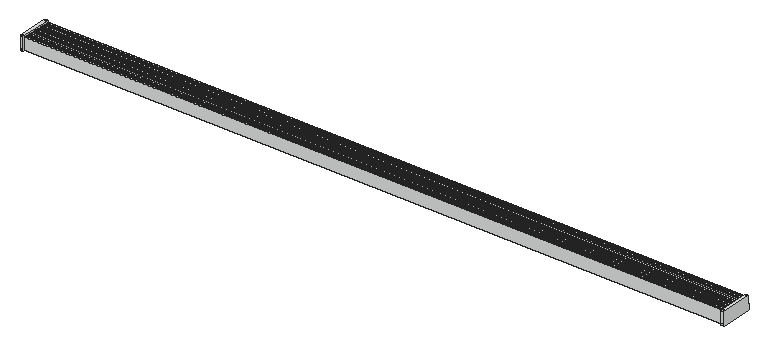
Revit family "Shower-Drain_Cover-KOHLER-Linear-K-80655", category Specialty Equipment, host Face, Revit 2017
Family settings
  Host = Face
  Round Connector Dimension = Use Diameter
  Part Type = Normal
  OmniClass Number = 23.31.25.00
  OmniClass Title = Toilet and Bath Specialties
  Cut with Voids When Loaded = No
  Shared = No
  Room Calculation Point = No
Parameters (values of type "SH-Bright Silver")
  Width = 60"  # constant formula
  WaterSense Certified = 1 = 0  # no
  URL = "https://www.us.kohler.com/us/"
  Type = 4
  Product Page URL = "http://www.us.kohler.com/us/catalog/productDetails.jsp?productId=80655"
  Product Name = "LINEAR"  # constant formula
  Product Documentation Link = "https://www.us.kohler.com/webassets/kpna/catalog/pdf/en/K-80655_spec_US-CA_Kohler_en.pdf"
  Model = if(Type = 1, "K-80655-2MB", if(Type = 2, "K-80655-BL", if(Type = 3, "K-80655-BNK", if(Type = 4, "K-80655-SH", "NA"))))  # "K-80655-SH"
  Material = "Aluminum"  # constant formula
  Master Format 2014 Name = "Toilet, Bath, and Laundry Accessories"  # constant formula
  Master Format 2014 = "10 28 00"  # constant formula
  Manufacturer Address = "KOHLER Co. 444 Highland Dr. Kohler, WI 53044"  # constant formula
  Manufacturer = "KOHLER Co."  # constant formula
  Length = 2 9/16"  # constant formula
  Height = 1 1/8"  # constant formula
  Finish = Kohler-Metal-SH-Bright_Silver
  Environmental Product Declaration = ""
  Description = "60 INCH LINEAR MEDIUM LINEAR DRAIN GRID"  # constant formula
  Default Elevation = 0"
  Declare Label = ""
  Date Modified = "04/13/2021"  # constant formula
  Date Created = "04/13/2021"  # constant formula
  Copyright = "Copyright KOHLER Co."  # constant formula
  Contact Us = "https://www.us.kohler.com/us/static/contact.jsp"
  Assembly Code = "C1030200"
  ADA Compliant = 1 = 0  # no
Reference planes (in)
  plane 1 "Center (Front/Back)": y = 0
  plane 2: z = 0
  plane 3 "Center (Left/Right)": x = 0
  plane 4: x = -30
  plane 5: y = 1.28125
  plane 6: y = 1.25
  plane 7: x = 30
  plane 8: y = -1.28125
  plane 9: y = -1.25
  plane 10: z = -1.125
Forms (in)
  Extrusion 1, void
    sketch origin (0, 0, 0) x (1, 0, 0) y (0, 1, 0)
      loop
        line (29.75, 1.25) -> (-29.75, 1.25) -> (-29.75, 1.295) -> (-30, 1.295) -> (-30, -1.295) -> (-29.75, -1.295) -> (-29.75, -1.25) -> (29.75, -1.25) -> (29.75, -1.295) -> (30, -1.295) -> (30, 1.295) -> (29.75, 1.295) -> (29.75, 1.25)
    from 0 to -1.15415
Dimensions and locks (in)
  "Width": plane 4 to plane 7
  "Length": plane 5 to plane 8
  plane 6 to plane 9 = 2 1/2"
  "Height": level to plane 10
  aligned and locked: plane 2 to host face
  aligned and locked: level to host face
Automatic sketch dimensions
  host sketch curve to host sketch curve = 96"  (x2)
  Extrusion 1 sketch curve to plane 4 = 0"
  plane 6 to Extrusion 1 sketch curve = 0"
  Extrusion 1 sketch curve to plane 9 = 0"
  Extrusion 1 sketch curve to plane 7 = 0"
  Extrusion 1 sketch curve to plane 4 = 1/4"  (x2)
  Extrusion 1 sketch curve to plane 7 = 1/4"  (x2)
  Extrusion 1 sketch curve to plane 8 = 0.01375"  (x2)
  Extrusion 1 sketch curve to plane 5 = 0.01375"  (x2)
Nested families (in)
  nested 1: "K-80655" at (0, 0, 0), type "K-80655"
Definition of nested family "K-80655"
  Parameters (values of type "K-80655")
    Material = none
  Reference planes (in)
    plane 1 "Center (Front/Back)": y = 0
    plane 2: z = 0
    plane 3 "Center (Left/Right)": x = 0
    plane 4: y = 1.28125
    plane 5: y = -1.28125
    plane 6: y = 1.25
    plane 7: y = -1.25
    plane 8: z = -1.125
    plane 9: x = -30
    plane 10: x = 24
    plane 11: x = 30
  Forms (in)
    Extrusion 1, solid, material <- "Material", detail levels medium+fine
      sketch origin (0, 0, 0) x (0, 1, 0) y (0, 0, 1)
        loop
          arc (-1.255, 0) -> (-1.28328, -0.01172) -> (-1.295, -0.04) r 0.04
          line (-1.295, -0.04) -> (-1.295, -1.1)
          arc (-1.295, -1.1) -> (-1.28328, -1.12828) -> (-1.255, -1.14) r 0.04
          line (-1.255, -1.14) -> (1.255, -1.14)
          arc (1.255, -1.14) -> (1.28328, -1.12828) -> (1.295, -1.1) r 0.04
          line (1.295, -1.1) -> (1.295, -0.04)
          arc (1.295, -0.04) -> (1.28328, -0.01172) -> (1.255, 0) r 0.04
          line (1.255, 0) -> (-1.255, 0)
      from -30 to -29.75
    Extrusion 2, solid, material <- "Material", detail levels medium+fine
      sketch origin (0, 0, 0) x (0, 1, 0) y (0, 0, -1)
        loop
          line (-1.255, 0) -> (1.255, 0)
          arc (1.255, 0) -> (1.28328, 0.01172) -> (1.295, 0.04) r 0.04
          line (1.295, 0.04) -> (1.295, 1.1)
          arc (1.295, 1.1) -> (1.28328, 1.12828) -> (1.255, 1.14) r 0.04
          line (1.255, 1.14) -> (-1.255, 1.14)
          arc (-1.255, 1.14) -> (-1.28328, 1.12828) -> (-1.295, 1.1) r 0.04
          line (-1.295, 1.1) -> (-1.295, 0.04)
          arc (-1.295, 0.04) -> (-1.28328, 0.01172) -> (-1.255, 0) r 0.04
      from -30 to -29.75
    Extrusion 3, solid, material <- "Material", detail levels medium+fine
      sketch origin (0, 0, 0) x (0, 1, 0) y (0, 0, 1)
        loop
          line (0.92757, -0.175) -> (0.99243, -0.175) -> (1.01, -0.05) -> (0.91, -0.05) -> (0.92757, -0.175)
        loop
          line (1.15, -0.05) -> (1.15, -1.1) -> (1.25, -1.1) -> (1.25, -0.05) -> (1.15, -0.05)
        loop
          line (-1.15, -1.1) -> (-1.15, -0.05) -> (-1.25, -0.05) -> (-1.25, -1.1) -> (-1.15, -1.1)
        loop
          line (-0.99243, -0.175) -> (-0.92757, -0.175) -> (-0.91, -0.05) -> (-1.01, -0.05) -> (-0.99243, -0.175)
        loop
          line (-0.75243, -0.175) -> (-0.68757, -0.175) -> (-0.67, -0.05) -> (-0.77, -0.05) -> (-0.75243, -0.175)
        loop
          line (-0.51243, -0.175) -> (-0.44757, -0.175) -> (-0.43, -0.05) -> (-0.53, -0.05) -> (-0.51243, -0.175)
        loop
          line (-0.27243, -0.175) -> (-0.20757, -0.175) -> (-0.19, -0.05) -> (-0.29, -0.05) -> (-0.27243, -0.175)
        loop
          line (-0.03243, -0.175) -> (0.03243, -0.175) -> (0.05, -0.05) -> (-0.05, -0.05) -> (-0.03243, -0.175)
        loop
          line (0.20757, -0.175) -> (0.27243, -0.175) -> (0.29, -0.05) -> (0.19, -0.05) -> (0.20757, -0.175)
        loop
          line (0.44757, -0.175) -> (0.51243, -0.175) -> (0.53, -0.05) -> (0.43, -0.05) -> (0.44757, -0.175)
        loop
          line (0.68757, -0.175) -> (0.75243, -0.175) -> (0.77, -0.05) -> (0.67, -0.05) -> (0.68757, -0.175)
      from -29.75 to 29.75
    Extrusion 4, solid, material <- "Material", detail levels coarse
      sketch origin (0, 0, 0) x (1, 0, 0) y (0, 1, 0)
        loop
          line (29.75, 1.25) -> (-29.75, 1.25) -> (-29.75, 1.295) -> (-30, 1.295) -> (-30, -1.295) -> (-29.75, -1.295) -> (-29.75, -1.25) -> (29.75, -1.25) -> (29.75, -1.295) -> (30, -1.295) -> (30, 1.295) -> (29.75, 1.295) -> (29.75, 1.25)
      from -1.14 to 0
  Cuts and joins
    joined: Extrusion 1, Extrusion 2, Extrusion 3
  Lines and regions (in)
    Masking region 1
      outline origin (0, 0, 0) x (1, 0, 0) y (0, 1, 0)
        loop
          line (-29.75, -1.25) -> (29.75, -1.25) -> (29.75, -1.28125) -> (29.97857, -1.28125)
          arc (29.97857, -1.28125) -> (29.99372, -1.27497) -> (30, -1.25982) r 0.02143
          line (30, -1.25982) -> (30, 1.25982)
          arc (30, 1.25982) -> (29.99372, 1.27497) -> (29.97857, 1.28125) r 0.02143
          line (29.97857, 1.28125) -> (29.75, 1.28125) -> (29.75, 1.25) -> (-29.75, 1.25) -> (-29.75, 1.28125) -> (-29.97857, 1.28125)
          arc (-29.97857, 1.28125) -> (-29.99372, 1.27497) -> (-30, 1.25982) r 0.02143
          line (-30, 1.25982) -> (-30, -1.25982)
          arc (-30, -1.25982) -> (-29.99372, -1.27497) -> (-29.97857, -1.28125) r 0.02143
          line (-29.97857, -1.28125) -> (-29.75, -1.28125) -> (-29.75, -1.25)
    Masking region 2
      outline origin (0, 0, 0) x (1, 0, 0) y (0, 0, 1)
        loop
          line (-29.75, -1.09414) -> (29.75, -1.09414) -> (29.75, -1.125) -> (29.97948, -1.125)
          arc (29.97948, -1.125) -> (29.99399, -1.11899) -> (30, -1.10448) r 0.02052
          line (30, -1.10448) -> (30, -0.02052)
          arc (30, -0.02052) -> (29.99399, -0.00601) -> (29.97948, 0) r 0.02052
          line (29.97948, 0) -> (29.75, 0) -> (29.75, -0.05) -> (-29.75, -0.05) -> (-29.75, 0) -> (-29.97948, 0)
          arc (-29.97948, 0) -> (-29.99399, -0.00601) -> (-30, -0.02052) r 0.02052
          line (-30, -0.02052) -> (-30, -1.10448)
          arc (-30, -1.10448) -> (-29.99399, -1.11899) -> (-29.97948, -1.125) r 0.02052
          line (-29.97948, -1.125) -> (-29.75, -1.125) -> (-29.75, -1.09414)
    Masking region 3
      outline origin (0, 0, 0) x (0, 1, 0) y (0, 0, 1)
        loop
          line (1.28125, -1.08984) -> (1.28125, -0.03451)
          arc (1.28125, -0.03451) -> (1.27114, -0.01011) -> (1.24674, 0) r 0.03451
          line (1.24674, 0) -> (-1.24609, 0)
          arc (-1.24609, 0) -> (-1.27095, -0.0103) -> (-1.28125, -0.03516) r 0.03516
          line (-1.28125, -0.03516) -> (-1.28125, -1.08984)
          arc (-1.28125, -1.08984) -> (-1.27095, -1.1147) -> (-1.24609, -1.125) r 0.03516
          line (-1.24609, -1.125) -> (1.24609, -1.125)
          arc (1.24609, -1.125) -> (1.27095, -1.1147) -> (1.28125, -1.08984) r 0.03516
    symbolic lines, detail levels medium+fine
      curve 1: line (0, 1.24674, -0.01172) -> (0, -1.24609, -0.01172)
      curve 2: arc (0, -1.24609, -0.01172) -> (0, -1.26267, -0.01858) -> (0, -1.26953, -0.03516) r 0.02344
      curve 3: line (0, -1.26953, -1.08984) -> (0, -1.26953, -0.03516)
      curve 4: arc (0, -1.24609, -1.11328) -> (0, -1.26267, -1.10642) -> (0, -1.26953, -1.08984) r 0.02344
      curve 5: line (0, 1.24609, -1.11328) -> (0, -1.24609, -1.11328)
      curve 6: arc (0, 1.26953, -1.08984) -> (0, 1.26267, -1.10642) -> (0, 1.24609, -1.11328) r 0.02344
      curve 7: line (0, 1.26953, -1.08984) -> (0, 1.26953, -0.03451)
      curve 8: arc (0, 1.26953, -0.03451) -> (0, 1.26286, -0.01839) -> (0, 1.24674, -0.01172) r 0.02279
      curve 9: line (29.75, 0, -0.04) -> (29.75, 0, -1.09414)
      curve 10: line (29.97948, 0, 0) -> (29.97948, 0, -1.125)
      curve 11: line (-29.75, 0, -0.04) -> (-29.75, 0, -1.09414)
      curve 12: line (-29.97948, 0, 0) -> (-29.97948, 0, -1.125)
      curve 13: line (-29.75, 1.25, 0) -> (-29.75, -1.25, 0)
      curve 14: line (-29.75, 1.15, 0) -> (29.75, 1.15, 0)
      curve 15: line (-29.75, 1.01, 0) -> (29.75, 1.01, 0)
      curve 16: line (29.75, 0.91, 0) -> (-29.75, 0.91, 0)
      curve 17: line (-29.75, 0.77, 0) -> (29.75, 0.77, 0)
      curve 18: line (-29.75, 0.67, 0) -> (29.75, 0.67, 0)
      curve 19: line (-29.75, 0.53, 0) -> (29.75, 0.53, 0)
      curve 20: line (-29.75, 0.43, 0) -> (29.75, 0.43, 0)
      curve 21: line (-29.75, 0.29, 0) -> (29.75, 0.29, 0)
      curve 22: line (-29.75, 0.19, 0) -> (29.75, 0.19, 0)
      curve 23: line (-29.75, 0.05, 0) -> (29.75, 0.05, 0)
      curve 24: line (-29.75, -0.05, 0) -> (29.75, -0.05, 0)
      curve 25: line (-29.75, -0.19, 0) -> (29.75, -0.19, 0)
      curve 26: line (-29.75, -0.29, 0) -> (29.75, -0.29, 0)
      curve 27: line (-29.75, -0.43, 0) -> (29.75, -0.43, 0)
      curve 28: line (-29.75, -0.53, 0) -> (29.75, -0.53, 0)
      curve 29: line (-29.75, -0.67, 0) -> (29.75, -0.67, 0)
      curve 30: line (-29.75, -0.77, 0) -> (29.75, -0.77, 0)
      curve 31: line (-29.75, -0.91, 0) -> (29.75, -0.91, 0)
      curve 32: line (-29.75, -1.01, 0) -> (29.75, -1.01, 0)
      curve 33: line (29.75, -1.15, 0) -> (-29.75, -1.15, 0)
      curve 34: line (29.75, -1.25, 0) -> (29.75, 1.25, 0)
      curve 35: line (-29.1222, 0.05, 0) -> (-29.1222, 0.19, 0)
      curve 36: arc (-29.1222, 0.83109, 0) -> (-29.13394, 0.87565, 0) -> (-29.16465, 0.91, 0) r 0.09854
      curve 37: arc (-29.22956, 1.01, 0) -> (-29.23249, 1.02893, 0) -> (-29.23324, 1.04807, 0) r 0.16707
      curve 38: line (-29.68588, 1.15, 0) -> (-29.33331, 1.15, 0)
      curve 39: arc (-29.75, 1.12647, 0) -> (-29.72003, 1.14393, 0) -> (-29.68588, 1.15, 0) r 0.09912
      curve 40: arc (-29.33331, 1.15, 0) -> (-29.26189, 1.12003, 0) -> (-29.23324, 1.04807, 0) r 0.10009
      curve 41: arc (-28.97885, 1.01, 0) -> (-29.0662, 1.13911, 0) -> (-29.15355, 1.01, 0) r 0.09411
      curve 42: line (-29.0102, 0.05, 0) -> (-29.0102, 0.19, 0)
      curve 43: arc (-29.0102, 0.83109, 0) -> (-28.99846, 0.87565, 0) -> (-28.96775, 0.91, 0) r 0.09854
      curve 44: arc (-28.90284, 1.01, 0) -> (-28.89991, 1.02893, 0) -> (-28.89916, 1.04807, 0) r 0.16707
      curve 45: line (-28.44652, 1.15, 0) -> (-28.79909, 1.15, 0)
      curve 46: line (-28.3474, 1.05088, 0) -> (-28.3474, 1.01, 0)
      curve 47: arc (-28.3474, 1.05088, 0) -> (-28.37643, 1.12097, 0) -> (-28.44652, 1.15, 0) r 0.09912
      curve 48: arc (-28.79909, 1.15, 0) -> (-28.87051, 1.12003, 0) -> (-28.89916, 1.04807, 0) r 0.10009
      curve 49: line (-28.3474, 0.91, 0) -> (-28.96775, 0.91, 0)
      curve 50: line (-29.75, 0.05, 0) -> (-29.75, 0.19, 0)
      curve 51: line (-29.75, 1.01, 0) -> (-29.22956, 1.01, 0)
      curve 52: line (-28.90284, 1.01, 0) -> (-28.3474, 1.01, 0)
      curve 53: line (-29.15355, 1.01, 0) -> (-28.97885, 1.01, 0)
      curve 54: line (-29.75, 1.01, 0) -> (-29.75, 1.12647, 0)
      curve 55: line (-28.3474, 0.91, 0) -> (-28.3474, 0.77, 0)
      curve 56: line (-29.75, 0.77, 0) -> (-29.1222, 0.77, 0)
      curve 57: line (-29.16465, 0.91, 0) -> (-29.75, 0.91, 0)
      curve 58: line (-28.3474, 0.67, 0) -> (-28.3474, 0.53, 0)
      curve 59: line (-29.0102, 0.77, 0) -> (-28.3474, 0.77, 0)
      curve 60: line (-29.1222, 0.77, 0) -> (-29.1222, 0.83109, 0)
      curve 61: line (-29.0102, 0.77, 0) -> (-29.0102, 0.83109, 0)
      curve 62: line (-29.75, 0.77, 0) -> (-29.75, 0.91, 0)
      curve 63: line (-29.75, 0.67, 0) -> (-29.1222, 0.67, 0)
      curve 64: line (-29.75, 0.53, 0) -> (-29.1222, 0.53, 0)
      curve 65: line (-29.0102, 0.67, 0) -> (-28.3474, 0.67, 0)
      curve 66: line (-29.0102, 0.53, 0) -> (-28.3474, 0.53, 0)
      curve 67: line (-29.75, 0.53, 0) -> (-29.75, 0.67, 0)
      curve 68: line (-28.3474, 0.43, 0) -> (-28.3474, 0.29, 0)
      curve 69: line (-29.0102, 0.53, 0) -> (-29.0102, 0.67, 0)
      curve 70: line (-29.1222, 0.53, 0) -> (-29.1222, 0.67, 0)
      curve 71: line (-29.75, 0.43, 0) -> (-29.1222, 0.43, 0)
      curve 72: line (-29.75, 0.29, 0) -> (-29.1222, 0.29, 0)
      curve 73: line (-29.75, 0.29, 0) -> (-29.75, 0.43, 0)
      curve 74: line (-29.1222, 0.29, 0) -> (-29.1222, 0.43, 0)
      curve 75: line (-29.0102, 0.29, 0) -> (-29.0102, 0.43, 0)
      curve 76: line (-28.3474, 0.19, 0) -> (-28.3474, 0.05, 0)
      curve 77: line (-29.0102, 0.29, 0) -> (-28.3474, 0.29, 0)
      curve 78: line (-29.0102, 0.43, 0) -> (-28.3474, 0.43, 0)
      curve 79: line (-29.75, 0.19, 0) -> (-29.1222, 0.19, 0)
      curve 80: line (-29.75, 0.05, 0) -> (-29.1222, 0.05, 0)
      curve 81: line (-29.0102, 0.19, 0) -> (-28.3474, 0.19, 0)
      curve 82: line (-29.0102, 0.05, 0) -> (-28.3474, 0.05, 0)
      curve 83: line (-29.1222, -0.05, 0) -> (-29.1222, -0.19, 0)
      curve 84: arc (-29.1222, -0.83109, 0) -> (-29.13394, -0.87565, 0) -> (-29.16465, -0.91, 0) r 0.09854
      curve 85: arc (-29.22956, -1.01, 0) -> (-29.23249, -1.02893, 0) -> (-29.23324, -1.04807, 0) r 0.16707
      curve 86: line (-29.68588, -1.15, 0) -> (-29.33331, -1.15, 0)
      curve 87: arc (-29.75, -1.12647, 0) -> (-29.72003, -1.14393, 0) -> (-29.68588, -1.15, 0) r 0.09912
      curve 88: arc (-29.33331, -1.15, 0) -> (-29.26189, -1.12003, 0) -> (-29.23324, -1.04807, 0) r 0.10009
      curve 89: arc (-28.97885, -1.01, 0) -> (-29.0662, -1.13911, 0) -> (-29.15355, -1.01, 0) r 0.09411
      curve 90: line (-29.0102, -0.05, 0) -> (-29.0102, -0.19, 0)
      curve 91: arc (-29.0102, -0.83109, 0) -> (-28.99846, -0.87565, 0) -> (-28.96775, -0.91, 0) r 0.09854
      curve 92: arc (-28.90284, -1.01, 0) -> (-28.89991, -1.02893, 0) -> (-28.89916, -1.04807, 0) r 0.16707
      curve 93: line (-28.44652, -1.15, 0) -> (-28.79909, -1.15, 0)
      curve 94: line (-28.3474, -1.05088, 0) -> (-28.3474, -1.01, 0)
      curve 95: arc (-28.3474, -1.05088, 0) -> (-28.37643, -1.12097, 0) -> (-28.44652, -1.15, 0) r 0.09912
      curve 96: arc (-28.79909, -1.15, 0) -> (-28.87051, -1.12003, 0) -> (-28.89916, -1.04807, 0) r 0.10009
      curve 97: line (-28.3474, -0.91, 0) -> (-28.96775, -0.91, 0)
      curve 98: line (-29.75, -0.05, 0) -> (-29.75, -0.19, 0)
      curve 99: line (-29.75, -1.01, 0) -> (-29.22956, -1.01, 0)
      curve 100: line (-28.90284, -1.01, 0) -> (-28.3474, -1.01, 0)
      curve 101: line (-29.15355, -1.01, 0) -> (-28.97885, -1.01, 0)
      curve 102: line (-29.75, -1.01, 0) -> (-29.75, -1.12647, 0)
      curve 103: line (-28.3474, -0.91, 0) -> (-28.3474, -0.77, 0)
      curve 104: line (-29.75, -0.77, 0) -> (-29.1222, -0.77, 0)
      curve 105: line (-29.16465, -0.91, 0) -> (-29.75, -0.91, 0)
      curve 106: line (-28.3474, -0.67, 0) -> (-28.3474, -0.53, 0)
      curve 107: line (-29.0102, -0.77, 0) -> (-28.3474, -0.77, 0)
      curve 108: line (-29.1222, -0.77, 0) -> (-29.1222, -0.83109, 0)
      curve 109: line (-29.0102, -0.77, 0) -> (-29.0102, -0.83109, 0)
      curve 110: line (-29.75, -0.77, 0) -> (-29.75, -0.91, 0)
      curve 111: line (-29.75, -0.67, 0) -> (-29.1222, -0.67, 0)
      curve 112: line (-29.75, -0.53, 0) -> (-29.1222, -0.53, 0)
      curve 113: line (-29.0102, -0.67, 0) -> (-28.3474, -0.67, 0)
      curve 114: line (-29.0102, -0.53, 0) -> (-28.3474, -0.53, 0)
      curve 115: line (-29.75, -0.53, 0) -> (-29.75, -0.67, 0)
      curve 116: line (-28.3474, -0.43, 0) -> (-28.3474, -0.29, 0)
      curve 117: line (-29.0102, -0.53, 0) -> (-29.0102, -0.67, 0)
      curve 118: line (-29.1222, -0.53, 0) -> (-29.1222, -0.67, 0)
      curve 119: line (-29.75, -0.43, 0) -> (-29.1222, -0.43, 0)
      curve 120: line (-29.75, -0.29, 0) -> (-29.1222, -0.29, 0)
      curve 121: line (-29.75, -0.29, 0) -> (-29.75, -0.43, 0)
      curve 122: line (-29.1222, -0.29, 0) -> (-29.1222, -0.43, 0)
      curve 123: line (-29.0102, -0.29, 0) -> (-29.0102, -0.43, 0)
      curve 124: line (-28.3474, -0.19, 0) -> (-28.3474, -0.05, 0)
      curve 125: line (-29.0102, -0.29, 0) -> (-28.3474, -0.29, 0)
      curve 126: line (-29.0102, -0.43, 0) -> (-28.3474, -0.43, 0)
      curve 127: line (-29.75, -0.19, 0) -> (-29.1222, -0.19, 0)
      curve 128: line (-29.75, -0.05, 0) -> (-29.1222, -0.05, 0)
      curve 129: line (-29.0102, -0.19, 0) -> (-28.3474, -0.19, 0)
      curve 130: line (-29.0102, -0.05, 0) -> (-28.3474, -0.05, 0)
      curve 131: line (-27.57229, 0.05, 0) -> (-27.57229, 0.19, 0)
      curve 132: arc (-27.57229, 0.83109, 0) -> (-27.58402, 0.87565, 0) -> (-27.61473, 0.91, 0) r 0.09854
      curve 133: arc (-27.67964, 1.01, 0) -> (-27.68258, 1.02893, 0) -> (-27.68332, 1.04807, 0) r 0.16707
      curve 134: line (-28.13597, 1.15, 0) -> (-27.7834, 1.15, 0)
      curve 135: arc (-28.23509, 1.05088, 0) -> (-28.20605, 1.12097, 0) -> (-28.13597, 1.15, 0) r 0.09912
      curve 136: arc (-27.7834, 1.15, 0) -> (-27.71197, 1.12003, 0) -> (-27.68332, 1.04807, 0) r 0.10009
      curve 137: arc (-27.42893, 1.01, 0) -> (-27.51629, 1.13911, 0) -> (-27.60364, 1.01, 0) r 0.09411
      curve 138: line (-27.46029, 0.05, 0) -> (-27.46029, 0.19, 0)
      curve 139: arc (-27.46029, 0.83109, 0) -> (-27.44855, 0.87565, 0) -> (-27.41784, 0.91, 0) r 0.09854
      curve 140: arc (-27.35293, 1.01, 0) -> (-27.35, 1.02893, 0) -> (-27.34925, 1.04807, 0) r 0.16707
      curve 141: line (-26.89661, 1.15, 0) -> (-27.24918, 1.15, 0)
      curve 142: line (-26.79749, 1.05088, 0) -> (-26.79749, 1.01, 0)
      curve 143: arc (-26.79749, 1.05088, 0) -> (-26.82652, 1.12097, 0) -> (-26.89661, 1.15, 0) r 0.09912
      curve 144: arc (-27.24918, 1.15, 0) -> (-27.3206, 1.12003, 0) -> (-27.34925, 1.04807, 0) r 0.10009
      curve 145: line (-26.79749, 0.91, 0) -> (-27.41784, 0.91, 0)
      curve 146: line (-28.23509, 0.05, 0) -> (-28.23509, 0.19, 0)
      curve 147: line (-28.23509, 1.01, 0) -> (-27.67964, 1.01, 0)
      curve 148: line (-27.35293, 1.01, 0) -> (-26.79749, 1.01, 0)
      curve 149: line (-27.60364, 1.01, 0) -> (-27.42893, 1.01, 0)
      curve 150: line (-28.23509, 1.01, 0) -> (-28.23509, 1.05088, 0)
      curve 151: line (-26.79749, 0.91, 0) -> (-26.79749, 0.77, 0)
      curve 152: line (-28.23509, 0.77, 0) -> (-27.57229, 0.77, 0)
      curve 153: line (-27.61473, 0.91, 0) -> (-28.23509, 0.91, 0)
      curve 154: line (-26.79749, 0.67, 0) -> (-26.79749, 0.53, 0)
      curve 155: line (-27.46029, 0.77, 0) -> (-26.79749, 0.77, 0)
      curve 156: line (-27.57229, 0.77, 0) -> (-27.57229, 0.83109, 0)
      curve 157: line (-27.46029, 0.77, 0) -> (-27.46029, 0.83109, 0)
      curve 158: line (-28.23509, 0.77, 0) -> (-28.23509, 0.91, 0)
      curve 159: line (-28.23509, 0.67, 0) -> (-27.57229, 0.67, 0)
      curve 160: line (-28.23509, 0.53, 0) -> (-27.57229, 0.53, 0)
      curve 161: line (-27.46029, 0.67, 0) -> (-26.79749, 0.67, 0)
      curve 162: line (-27.46029, 0.53, 0) -> (-26.79749, 0.53, 0)
      curve 163: line (-28.23509, 0.53, 0) -> (-28.23509, 0.67, 0)
      curve 164: line (-26.79749, 0.43, 0) -> (-26.79749, 0.29, 0)
      curve 165: line (-27.46029, 0.53, 0) -> (-27.46029, 0.67, 0)
      curve 166: line (-27.57229, 0.53, 0) -> (-27.57229, 0.67, 0)
      curve 167: line (-28.23509, 0.43, 0) -> (-27.57229, 0.43, 0)
      curve 168: line (-28.23509, 0.29, 0) -> (-27.57229, 0.29, 0)
      curve 169: line (-28.23509, 0.29, 0) -> (-28.23509, 0.43, 0)
      curve 170: line (-27.57229, 0.29, 0) -> (-27.57229, 0.43, 0)
      curve 171: line (-27.46029, 0.29, 0) -> (-27.46029, 0.43, 0)
      curve 172: line (-26.79749, 0.19, 0) -> (-26.79749, 0.05, 0)
      curve 173: line (-27.46029, 0.29, 0) -> (-26.79749, 0.29, 0)
      curve 174: line (-27.46029, 0.43, 0) -> (-26.79749, 0.43, 0)
      curve 175: line (-28.23509, 0.19, 0) -> (-27.57229, 0.19, 0)
      curve 176: line (-28.23509, 0.05, 0) -> (-27.57229, 0.05, 0)
      curve 177: line (-27.46029, 0.19, 0) -> (-26.79749, 0.19, 0)
      curve 178: line (-27.46029, 0.05, 0) -> (-26.79749, 0.05, 0)
      curve 179: line (-27.57229, -0.05, 0) -> (-27.57229, -0.19, 0)
      curve 180: arc (-27.57229, -0.83109, 0) -> (-27.58402, -0.87565, 0) -> (-27.61473, -0.91, 0) r 0.09854
      curve 181: arc (-27.67964, -1.01, 0) -> (-27.68258, -1.02893, 0) -> (-27.68332, -1.04807, 0) r 0.16707
      curve 182: line (-28.13597, -1.15, 0) -> (-27.7834, -1.15, 0)
      curve 183: arc (-28.23509, -1.05088, 0) -> (-28.20605, -1.12097, 0) -> (-28.13597, -1.15, 0) r 0.09912
      curve 184: arc (-27.7834, -1.15, 0) -> (-27.71197, -1.12003, 0) -> (-27.68332, -1.04807, 0) r 0.10009
      curve 185: arc (-27.42893, -1.01, 0) -> (-27.51629, -1.13911, 0) -> (-27.60364, -1.01, 0) r 0.09411
      curve 186: line (-27.46029, -0.05, 0) -> (-27.46029, -0.19, 0)
      curve 187: arc (-27.46029, -0.83109, 0) -> (-27.44855, -0.87565, 0) -> (-27.41784, -0.91, 0) r 0.09854
      curve 188: arc (-27.35293, -1.01, 0) -> (-27.35, -1.02893, 0) -> (-27.34925, -1.04807, 0) r 0.16707
      curve 189: line (-26.89661, -1.15, 0) -> (-27.24918, -1.15, 0)
      curve 190: line (-26.79749, -1.05088, 0) -> (-26.79749, -1.01, 0)
      curve 191: arc (-26.79749, -1.05088, 0) -> (-26.82652, -1.12097, 0) -> (-26.89661, -1.15, 0) r 0.09912
      curve 192: arc (-27.24918, -1.15, 0) -> (-27.3206, -1.12003, 0) -> (-27.34925, -1.04807, 0) r 0.10009
      curve 193: line (-26.79749, -0.91, 0) -> (-27.41784, -0.91, 0)
      curve 194: line (-28.23509, -0.05, 0) -> (-28.23509, -0.19, 0)
      curve 195: line (-28.23509, -1.01, 0) -> (-27.67964, -1.01, 0)
      curve 196: line (-27.35293, -1.01, 0) -> (-26.79749, -1.01, 0)
      curve 197: line (-27.60364, -1.01, 0) -> (-27.42893, -1.01, 0)
      curve 198: line (-28.23509, -1.01, 0) -> (-28.23509, -1.05088, 0)
      curve 199: line (-26.79749, -0.91, 0) -> (-26.79749, -0.77, 0)
      curve 200: line (-28.23509, -0.77, 0) -> (-27.57229, -0.77, 0)
      curve 201: line (-27.61473, -0.91, 0) -> (-28.23509, -0.91, 0)
      curve 202: line (-26.79749, -0.67, 0) -> (-26.79749, -0.53, 0)
      curve 203: line (-27.46029, -0.77, 0) -> (-26.79749, -0.77, 0)
      curve 204: line (-27.57229, -0.77, 0) -> (-27.57229, -0.83109, 0)
      curve 205: line (-27.46029, -0.77, 0) -> (-27.46029, -0.83109, 0)
      curve 206: line (-28.23509, -0.77, 0) -> (-28.23509, -0.91, 0)
      curve 207: line (-28.23509, -0.67, 0) -> (-27.57229, -0.67, 0)
      curve 208: line (-28.23509, -0.53, 0) -> (-27.57229, -0.53, 0)
      curve 209: line (-27.46029, -0.67, 0) -> (-26.79749, -0.67, 0)
      curve 210: line (-27.46029, -0.53, 0) -> (-26.79749, -0.53, 0)
      curve 211: line (-28.23509, -0.53, 0) -> (-28.23509, -0.67, 0)
      curve 212: line (-26.79749, -0.43, 0) -> (-26.79749, -0.29, 0)
      curve 213: line (-27.46029, -0.53, 0) -> (-27.46029, -0.67, 0)
      curve 214: line (-27.57229, -0.53, 0) -> (-27.57229, -0.67, 0)
      curve 215: line (-28.23509, -0.43, 0) -> (-27.57229, -0.43, 0)
      curve 216: line (-28.23509, -0.29, 0) -> (-27.57229, -0.29, 0)
      curve 217: line (-28.23509, -0.29, 0) -> (-28.23509, -0.43, 0)
      curve 218: line (-27.57229, -0.29, 0) -> (-27.57229, -0.43, 0)
      curve 219: line (-27.46029, -0.29, 0) -> (-27.46029, -0.43, 0)
      curve 220: line (-26.79749, -0.19, 0) -> (-26.79749, -0.05, 0)
      curve 221: line (-27.46029, -0.29, 0) -> (-26.79749, -0.29, 0)
      curve 222: line (-27.46029, -0.43, 0) -> (-26.79749, -0.43, 0)
      curve 223: line (-28.23509, -0.19, 0) -> (-27.57229, -0.19, 0)
      curve 224: line (-28.23509, -0.05, 0) -> (-27.57229, -0.05, 0)
      curve 225: line (-27.46029, -0.19, 0) -> (-26.79749, -0.19, 0)
      curve 226: line (-27.46029, -0.05, 0) -> (-26.79749, -0.05, 0)
      curve 227: line (-26.68437, 0.05, 0) -> (-26.68437, 0.19, 0)
      curve 228: line (-26.12069, 1.15, 0) -> (-26.58496, 1.15, 0)
      curve 229: line (-26.02157, 1.05088, 0) -> (-26.02157, 1.01, 0)
      curve 230: arc (-26.02157, 1.05088, 0) -> (-26.0506, 1.12097, 0) -> (-26.12069, 1.15, 0) r 0.09912
      curve 231: line (-26.02157, 0.91, 0) -> (-26.68437, 0.91, 0)
      curve 232: line (-26.68437, 1.01, 0) -> (-26.02157, 1.01, 0)
      curve 233: line (-26.02157, 0.91, 0) -> (-26.02157, 0.77, 0)
      curve 234: line (-26.02157, 0.67, 0) -> (-26.02157, 0.53, 0)
      curve 235: line (-26.68437, 0.77, 0) -> (-26.02157, 0.77, 0)
      curve 236: line (-26.68437, 0.77, 0) -> (-26.68437, 0.91, 0)
      curve 237: line (-26.68437, 0.67, 0) -> (-26.02157, 0.67, 0)
      curve 238: line (-26.68437, 0.53, 0) -> (-26.02157, 0.53, 0)
      curve 239: line (-26.02157, 0.43, 0) -> (-26.02157, 0.29, 0)
      curve 240: line (-26.68437, 0.53, 0) -> (-26.68437, 0.67, 0)
      curve 241: line (-26.68437, 0.29, 0) -> (-26.68437, 0.43, 0)
      curve 242: line (-26.02157, 0.19, 0) -> (-26.02157, 0.05, 0)
      curve 243: line (-26.68437, 0.29, 0) -> (-26.02157, 0.29, 0)
      curve 244: line (-26.68437, 0.43, 0) -> (-26.02157, 0.43, 0)
      curve 245: line (-26.68437, 0.19, 0) -> (-26.02157, 0.19, 0)
      curve 246: line (-26.68437, 0.05, 0) -> (-26.02157, 0.05, 0)
      curve 247: line (-26.68437, -0.05, 0) -> (-26.68437, -0.19, 0)
      curve 248: line (-26.12069, -1.15, 0) -> (-26.58117, -1.15, 0)
      curve 249: line (-26.02157, -1.05088, 0) -> (-26.02157, -1.01, 0)
      curve 250: arc (-26.02157, -1.05088, 0) -> (-26.0506, -1.12097, 0) -> (-26.12069, -1.15, 0) r 0.09912
      curve 251: line (-26.02157, -0.91, 0) -> (-26.68437, -0.91, 0)
      curve 252: line (-26.68437, -1.01, 0) -> (-26.02157, -1.01, 0)
      curve 253: line (-26.02157, -0.91, 0) -> (-26.02157, -0.77, 0)
      curve 254: line (-26.02157, -0.67, 0) -> (-26.02157, -0.53, 0)
      curve 255: line (-26.68437, -0.77, 0) -> (-26.02157, -0.77, 0)
      curve 256: line (-26.68437, -0.77, 0) -> (-26.68437, -0.91, 0)
      curve 257: line (-26.68437, -0.67, 0) -> (-26.02157, -0.67, 0)
      curve 258: line (-26.68437, -0.53, 0) -> (-26.02157, -0.53, 0)
      curve 259: line (-26.02157, -0.43, 0) -> (-26.02157, -0.29, 0)
      curve 260: line (-26.68437, -0.53, 0) -> (-26.68437, -0.67, 0)
      curve 261: line (-26.68437, -0.29, 0) -> (-26.68437, -0.43, 0)
      curve 262: line (-26.02157, -0.19, 0) -> (-26.02157, -0.05, 0)
      curve 263: line (-26.68437, -0.29, 0) -> (-26.02157, -0.29, 0)
      curve 264: line (-26.68437, -0.43, 0) -> (-26.02157, -0.43, 0)
      curve 265: line (-26.68437, -0.19, 0) -> (-26.02157, -0.19, 0)
      curve 266: line (-26.68437, -0.05, 0) -> (-26.02157, -0.05, 0)
      curve 267: line (-26.68437, 1.01, 0) -> (-26.68437, 1.05059, 0)
      curve 268: arc (-26.68437, 1.05059, 0) -> (-26.65525, 1.12088, 0) -> (-26.58496, 1.15, 0) r 0.09941
      curve 269: line (-26.68437, -1.01, 0) -> (-26.68437, -1.04681, 0)
      curve 270: arc (-26.68437, -1.04681, 0) -> (-26.65414, -1.11978, 0) -> (-26.58117, -1.15, 0) r 0.10319
      curve 271: line (-25.24372, 0.05, 0) -> (-25.24372, 0.19, 0)
      curve 272: arc (-25.24372, 0.83109, 0) -> (-25.25546, 0.87565, 0) -> (-25.28617, 0.91, 0) r 0.09854
      curve 273: arc (-25.35108, 1.01, 0) -> (-25.35402, 1.02893, 0) -> (-25.35476, 1.04807, 0) r 0.16707
      curve 274: line (-25.80741, 1.15, 0) -> (-25.45483, 1.15, 0)
      curve 275: arc (-25.90652, 1.05088, 0) -> (-25.87749, 1.12097, 0) -> (-25.80741, 1.15, 0) r 0.09912
      curve 276: arc (-25.45483, 1.15, 0) -> (-25.38341, 1.12003, 0) -> (-25.35476, 1.04807, 0) r 0.10009
      curve 277: arc (-25.10037, 1.01, 0) -> (-25.18772, 1.13911, 0) -> (-25.27508, 1.01, 0) r 0.09411
      curve 278: line (-25.13172, 0.05, 0) -> (-25.13172, 0.19, 0)
      curve 279: arc (-25.13172, 0.83109, 0) -> (-25.11999, 0.87565, 0) -> (-25.08928, 0.91, 0) r 0.09854
      curve 280: arc (-25.02437, 1.01, 0) -> (-25.02143, 1.02893, 0) -> (-25.02069, 1.04807, 0) r 0.16707
      curve 281: line (-24.56804, 1.15, 0) -> (-24.92062, 1.15, 0)
      curve 282: line (-24.46892, 1.05088, 0) -> (-24.46892, 1.01, 0)
      curve 283: arc (-24.46892, 1.05088, 0) -> (-24.49796, 1.12097, 0) -> (-24.56804, 1.15, 0) r 0.09912
      curve 284: arc (-24.92062, 1.15, 0) -> (-24.99204, 1.12003, 0) -> (-25.02069, 1.04807, 0) r 0.10009
      curve 285: line (-24.46892, 0.91, 0) -> (-25.08928, 0.91, 0)
      curve 286: line (-25.90652, 0.05, 0) -> (-25.90652, 0.19, 0)
      curve 287: line (-25.90652, 1.01, 0) -> (-25.35108, 1.01, 0)
      curve 288: line (-25.02437, 1.01, 0) -> (-24.46892, 1.01, 0)
      curve 289: line (-25.27508, 1.01, 0) -> (-25.10037, 1.01, 0)
      curve 290: line (-25.90652, 1.01, 0) -> (-25.90652, 1.05088, 0)
      curve 291: line (-24.46892, 0.91, 0) -> (-24.46892, 0.77, 0)
      curve 292: line (-25.90652, 0.77, 0) -> (-25.24372, 0.77, 0)
      curve 293: line (-25.28617, 0.91, 0) -> (-25.90652, 0.91, 0)
      curve 294: line (-24.46892, 0.67, 0) -> (-24.46892, 0.53, 0)
      curve 295: line (-25.13172, 0.77, 0) -> (-24.46892, 0.77, 0)
      curve 296: line (-25.24372, 0.77, 0) -> (-25.24372, 0.83109, 0)
      curve 297: line (-25.13172, 0.77, 0) -> (-25.13172, 0.83109, 0)
      curve 298: line (-25.90652, 0.77, 0) -> (-25.90652, 0.91, 0)
      curve 299: line (-25.90652, 0.67, 0) -> (-25.24372, 0.67, 0)
      curve 300: line (-25.90652, 0.53, 0) -> (-25.24372, 0.53, 0)
      curve 301: line (-25.13172, 0.67, 0) -> (-24.46892, 0.67, 0)
      curve 302: line (-25.13172, 0.53, 0) -> (-24.46892, 0.53, 0)
      curve 303: line (-25.90652, 0.53, 0) -> (-25.90652, 0.67, 0)
      curve 304: line (-24.46892, 0.43, 0) -> (-24.46892, 0.29, 0)
      curve 305: line (-25.13172, 0.53, 0) -> (-25.13172, 0.67, 0)
      curve 306: line (-25.24372, 0.53, 0) -> (-25.24372, 0.67, 0)
      curve 307: line (-25.90652, 0.43, 0) -> (-25.24372, 0.43, 0)
      curve 308: line (-25.90652, 0.29, 0) -> (-25.24372, 0.29, 0)
      curve 309: line (-25.90652, 0.29, 0) -> (-25.90652, 0.43, 0)
      curve 310: line (-25.24372, 0.29, 0) -> (-25.24372, 0.43, 0)
      curve 311: line (-25.13172, 0.29, 0) -> (-25.13172, 0.43, 0)
      curve 312: line (-24.46892, 0.19, 0) -> (-24.46892, 0.05, 0)
      curve 313: line (-25.13172, 0.29, 0) -> (-24.46892, 0.29, 0)
      curve 314: line (-25.13172, 0.43, 0) -> (-24.46892, 0.43, 0)
      curve 315: line (-25.90652, 0.19, 0) -> (-25.24372, 0.19, 0)
      curve 316: line (-25.90652, 0.05, 0) -> (-25.24372, 0.05, 0)
      curve 317: line (-25.13172, 0.19, 0) -> (-24.46892, 0.19, 0)
      curve 318: line (-25.13172, 0.05, 0) -> (-24.46892, 0.05, 0)
      curve 319: line (-25.24372, -0.05, 0) -> (-25.24372, -0.19, 0)
      curve 320: arc (-25.24372, -0.83109, 0) -> (-25.25546, -0.87565, 0) -> (-25.28617, -0.91, 0) r 0.09854
      curve 321: arc (-25.35108, -1.01, 0) -> (-25.35402, -1.02893, 0) -> (-25.35476, -1.04807, 0) r 0.16707
      curve 322: line (-25.80741, -1.15, 0) -> (-25.45483, -1.15, 0)
      curve 323: arc (-25.90652, -1.05088, 0) -> (-25.87749, -1.12097, 0) -> (-25.80741, -1.15, 0) r 0.09912
      curve 324: arc (-25.45483, -1.15, 0) -> (-25.38341, -1.12003, 0) -> (-25.35476, -1.04807, 0) r 0.10009
      curve 325: arc (-25.10037, -1.01, 0) -> (-25.18772, -1.13911, 0) -> (-25.27508, -1.01, 0) r 0.09411
      curve 326: line (-25.13172, -0.05, 0) -> (-25.13172, -0.19, 0)
      curve 327: arc (-25.13172, -0.83109, 0) -> (-25.11999, -0.87565, 0) -> (-25.08928, -0.91, 0) r 0.09854
      curve 328: arc (-25.02437, -1.01, 0) -> (-25.02143, -1.02893, 0) -> (-25.02069, -1.04807, 0) r 0.16707
      curve 329: line (-24.56804, -1.15, 0) -> (-24.92062, -1.15, 0)
      curve 330: line (-24.46892, -1.05088, 0) -> (-24.46892, -1.01, 0)
      curve 331: arc (-24.46892, -1.05088, 0) -> (-24.49796, -1.12097, 0) -> (-24.56804, -1.15, 0) r 0.09912
      curve 332: arc (-24.92062, -1.15, 0) -> (-24.99204, -1.12003, 0) -> (-25.02069, -1.04807, 0) r 0.10009
      curve 333: line (-24.46892, -0.91, 0) -> (-25.08928, -0.91, 0)
      curve 334: line (-25.90652, -0.05, 0) -> (-25.90652, -0.19, 0)
      curve 335: line (-25.90652, -1.01, 0) -> (-25.35108, -1.01, 0)
      curve 336: line (-25.02437, -1.01, 0) -> (-24.46892, -1.01, 0)
      curve 337: line (-25.27508, -1.01, 0) -> (-25.10037, -1.01, 0)
      curve 338: line (-25.90652, -1.01, 0) -> (-25.90652, -1.05088, 0)
      curve 339: line (-24.46892, -0.91, 0) -> (-24.46892, -0.77, 0)
      curve 340: line (-25.90652, -0.77, 0) -> (-25.24372, -0.77, 0)
      curve 341: line (-25.28617, -0.91, 0) -> (-25.90652, -0.91, 0)
      curve 342: line (-24.46892, -0.67, 0) -> (-24.46892, -0.53, 0)
      curve 343: line (-25.13172, -0.77, 0) -> (-24.46892, -0.77, 0)
      curve 344: line (-25.24372, -0.77, 0) -> (-25.24372, -0.83109, 0)
      curve 345: line (-25.13172, -0.77, 0) -> (-25.13172, -0.83109, 0)
      curve 346: line (-25.90652, -0.77, 0) -> (-25.90652, -0.91, 0)
      curve 347: line (-25.90652, -0.67, 0) -> (-25.24372, -0.67, 0)
      curve 348: line (-25.90652, -0.53, 0) -> (-25.24372, -0.53, 0)
      curve 349: line (-25.13172, -0.67, 0) -> (-24.46892, -0.67, 0)
      curve 350: line (-25.13172, -0.53, 0) -> (-24.46892, -0.53, 0)
      curve 351: line (-25.90652, -0.53, 0) -> (-25.90652, -0.67, 0)
      curve 352: line (-24.46892, -0.43, 0) -> (-24.46892, -0.29, 0)
      curve 353: line (-25.13172, -0.53, 0) -> (-25.13172, -0.67, 0)
      curve 354: line (-25.24372, -0.53, 0) -> (-25.24372, -0.67, 0)
      curve 355: line (-25.90652, -0.43, 0) -> (-25.24372, -0.43, 0)
      curve 356: line (-25.90652, -0.29, 0) -> (-25.24372, -0.29, 0)
      curve 357: line (-25.90652, -0.29, 0) -> (-25.90652, -0.43, 0)
      curve 358: line (-25.24372, -0.29, 0) -> (-25.24372, -0.43, 0)
      curve 359: line (-25.13172, -0.29, 0) -> (-25.13172, -0.43, 0)
      curve 360: line (-24.46892, -0.19, 0) -> (-24.46892, -0.05, 0)
      curve 361: line (-25.13172, -0.29, 0) -> (-24.46892, -0.29, 0)
      curve 362: line (-25.13172, -0.43, 0) -> (-24.46892, -0.43, 0)
      curve 363: line (-25.90652, -0.19, 0) -> (-25.24372, -0.19, 0)
      curve 364: line (-25.90652, -0.05, 0) -> (-25.24372, -0.05, 0)
      curve 365: line (-25.13172, -0.19, 0) -> (-24.46892, -0.19, 0)
      curve 366: line (-25.13172, -0.05, 0) -> (-24.46892, -0.05, 0)
      curve 367: line (-24.35581, 0.05, 0) -> (-24.35581, 0.19, 0)
      curve 368: line (-23.79213, 1.15, 0) -> (-24.2564, 1.15, 0)
      curve 369: line (-23.69301, 1.05088, 0) -> (-23.69301, 1.01, 0)
      curve 370: arc (-23.69301, 1.05088, 0) -> (-23.72204, 1.12097, 0) -> (-23.79213, 1.15, 0) r 0.09912
      curve 371: line (-23.69301, 0.91, 0) -> (-24.35581, 0.91, 0)
      curve 372: line (-24.35581, 1.01, 0) -> (-23.69301, 1.01, 0)
      curve 373: line (-23.69301, 0.91, 0) -> (-23.69301, 0.77, 0)
      curve 374: line (-23.69301, 0.67, 0) -> (-23.69301, 0.53, 0)
      curve 375: line (-24.35581, 0.77, 0) -> (-23.69301, 0.77, 0)
      curve 376: line (-24.35581, 0.77, 0) -> (-24.35581, 0.91, 0)
      curve 377: line (-24.35581, 0.67, 0) -> (-23.69301, 0.67, 0)
      curve 378: line (-24.35581, 0.53, 0) -> (-23.69301, 0.53, 0)
      curve 379: line (-23.69301, 0.43, 0) -> (-23.69301, 0.29, 0)
      curve 380: line (-24.35581, 0.53, 0) -> (-24.35581, 0.67, 0)
      curve 381: line (-24.35581, 0.29, 0) -> (-24.35581, 0.43, 0)
      curve 382: line (-23.69301, 0.19, 0) -> (-23.69301, 0.05, 0)
      curve 383: line (-24.35581, 0.29, 0) -> (-23.69301, 0.29, 0)
      curve 384: line (-24.35581, 0.43, 0) -> (-23.69301, 0.43, 0)
      curve 385: line (-24.35581, 0.19, 0) -> (-23.69301, 0.19, 0)
      curve 386: line (-24.35581, 0.05, 0) -> (-23.69301, 0.05, 0)
      curve 387: line (-24.35581, -0.05, 0) -> (-24.35581, -0.19, 0)
      curve 388: line (-23.79213, -1.15, 0) -> (-24.25261, -1.15, 0)
      curve 389: line (-23.69301, -1.05088, 0) -> (-23.69301, -1.01, 0)
      curve 390: arc (-23.69301, -1.05088, 0) -> (-23.72204, -1.12097, 0) -> (-23.79213, -1.15, 0) r 0.09912
      curve 391: line (-23.69301, -0.91, 0) -> (-24.35581, -0.91, 0)
      curve 392: line (-24.35581, -1.01, 0) -> (-23.69301, -1.01, 0)
      curve 393: line (-23.69301, -0.91, 0) -> (-23.69301, -0.77, 0)
      curve 394: line (-23.69301, -0.67, 0) -> (-23.69301, -0.53, 0)
      curve 395: line (-24.35581, -0.77, 0) -> (-23.69301, -0.77, 0)
      curve 396: line (-24.35581, -0.77, 0) -> (-24.35581, -0.91, 0)
      curve 397: line (-24.35581, -0.67, 0) -> (-23.69301, -0.67, 0)
      curve 398: line (-24.35581, -0.53, 0) -> (-23.69301, -0.53, 0)
      curve 399: line (-23.69301, -0.43, 0) -> (-23.69301, -0.29, 0)
      curve 400: line (-24.35581, -0.53, 0) -> (-24.35581, -0.67, 0)
      curve 401: line (-24.35581, -0.29, 0) -> (-24.35581, -0.43, 0)
      curve 402: line (-23.69301, -0.19, 0) -> (-23.69301, -0.05, 0)
      curve 403: line (-24.35581, -0.29, 0) -> (-23.69301, -0.29, 0)
      curve 404: line (-24.35581, -0.43, 0) -> (-23.69301, -0.43, 0)
      curve 405: line (-24.35581, -0.19, 0) -> (-23.69301, -0.19, 0)
      curve 406: line (-24.35581, -0.05, 0) -> (-23.69301, -0.05, 0)
      curve 407: line (-24.35581, 1.01, 0) -> (-24.35581, 1.05059, 0)
      curve 408: arc (-24.35581, 1.05059, 0) -> (-24.32669, 1.12088, 0) -> (-24.2564, 1.15, 0) r 0.09941
      curve 409: line (-24.35581, -1.01, 0) -> (-24.35581, -1.04681, 0)
      curve 410: arc (-24.35581, -1.04681, 0) -> (-24.32558, -1.11978, 0) -> (-24.25261, -1.15, 0) r 0.10319
      curve 411: line (-22.91993, 0.05, 0) -> (-22.91993, 0.19, 0)
      curve 412: arc (-22.91993, 0.83109, 0) -> (-22.93167, 0.87565, 0) -> (-22.96238, 0.91, 0) r 0.09854
      curve 413: arc (-23.02729, 1.01, 0) -> (-23.03022, 1.02893, 0) -> (-23.03097, 1.04807, 0) r 0.16707
      curve 414: line (-23.48361, 1.15, 0) -> (-23.13104, 1.15, 0)
      curve 415: arc (-23.58273, 1.05088, 0) -> (-23.5537, 1.12097, 0) -> (-23.48361, 1.15, 0) r 0.09912
      curve 416: arc (-23.13104, 1.15, 0) -> (-23.05962, 1.12003, 0) -> (-23.03097, 1.04807, 0) r 0.10009
      curve 417: arc (-22.77657, 1.01, 0) -> (-22.86393, 1.13911, 0) -> (-22.95128, 1.01, 0) r 0.09411
      curve 418: line (-22.80793, 0.05, 0) -> (-22.80793, 0.19, 0)
      curve 419: arc (-22.80793, 0.83109, 0) -> (-22.79619, 0.87565, 0) -> (-22.76548, 0.91, 0) r 0.09854
      curve 420: arc (-22.70057, 1.01, 0) -> (-22.69764, 1.02893, 0) -> (-22.69689, 1.04807, 0) r 0.16707
      curve 421: line (-22.24425, 1.15, 0) -> (-22.59682, 1.15, 0)
      curve 422: line (-22.14513, 1.05088, 0) -> (-22.14513, 1.01, 0)
      curve 423: arc (-22.14513, 1.05088, 0) -> (-22.17416, 1.12097, 0) -> (-22.24425, 1.15, 0) r 0.09912
      curve 424: arc (-22.59682, 1.15, 0) -> (-22.66824, 1.12003, 0) -> (-22.69689, 1.04807, 0) r 0.10009
      curve 425: line (-22.14513, 0.91, 0) -> (-22.76548, 0.91, 0)
      curve 426: line (-23.58273, 0.05, 0) -> (-23.58273, 0.19, 0)
      curve 427: line (-23.58273, 1.01, 0) -> (-23.02729, 1.01, 0)
      curve 428: line (-22.70057, 1.01, 0) -> (-22.14513, 1.01, 0)
      curve 429: line (-22.95128, 1.01, 0) -> (-22.77657, 1.01, 0)
      curve 430: line (-23.58273, 1.01, 0) -> (-23.58273, 1.05088, 0)
      curve 431: line (-22.14513, 0.91, 0) -> (-22.14513, 0.77, 0)
      curve 432: line (-23.58273, 0.77, 0) -> (-22.91993, 0.77, 0)
      curve 433: line (-22.96238, 0.91, 0) -> (-23.58273, 0.91, 0)
      curve 434: line (-22.14513, 0.67, 0) -> (-22.14513, 0.53, 0)
      curve 435: line (-22.80793, 0.77, 0) -> (-22.14513, 0.77, 0)
      curve 436: line (-22.91993, 0.77, 0) -> (-22.91993, 0.83109, 0)
      curve 437: line (-22.80793, 0.77, 0) -> (-22.80793, 0.83109, 0)
      curve 438: line (-23.58273, 0.77, 0) -> (-23.58273, 0.91, 0)
      curve 439: line (-23.58273, 0.67, 0) -> (-22.91993, 0.67, 0)
      curve 440: line (-23.58273, 0.53, 0) -> (-22.91993, 0.53, 0)
      curve 441: line (-22.80793, 0.67, 0) -> (-22.14513, 0.67, 0)
      curve 442: line (-22.80793, 0.53, 0) -> (-22.14513, 0.53, 0)
      curve 443: line (-23.58273, 0.53, 0) -> (-23.58273, 0.67, 0)
      curve 444: line (-22.14513, 0.43, 0) -> (-22.14513, 0.29, 0)
      curve 445: line (-22.80793, 0.53, 0) -> (-22.80793, 0.67, 0)
      curve 446: line (-22.91993, 0.53, 0) -> (-22.91993, 0.67, 0)
      curve 447: line (-23.58273, 0.43, 0) -> (-22.91993, 0.43, 0)
      curve 448: line (-23.58273, 0.29, 0) -> (-22.91993, 0.29, 0)
      curve 449: line (-23.58273, 0.29, 0) -> (-23.58273, 0.43, 0)
      curve 450: line (-22.91993, 0.29, 0) -> (-22.91993, 0.43, 0)
      curve 451: line (-22.80793, 0.29, 0) -> (-22.80793, 0.43, 0)
      curve 452: line (-22.14513, 0.19, 0) -> (-22.14513, 0.05, 0)
      curve 453: line (-22.80793, 0.29, 0) -> (-22.14513, 0.29, 0)
      curve 454: line (-22.80793, 0.43, 0) -> (-22.14513, 0.43, 0)
      curve 455: line (-23.58273, 0.19, 0) -> (-22.91993, 0.19, 0)
      curve 456: line (-23.58273, 0.05, 0) -> (-22.91993, 0.05, 0)
      curve 457: line (-22.80793, 0.19, 0) -> (-22.14513, 0.19, 0)
      curve 458: line (-22.80793, 0.05, 0) -> (-22.14513, 0.05, 0)
      curve 459: line (-22.91993, -0.05, 0) -> (-22.91993, -0.19, 0)
      curve 460: arc (-22.91993, -0.83109, 0) -> (-22.93167, -0.87565, 0) -> (-22.96238, -0.91, 0) r 0.09854
      curve 461: arc (-23.02729, -1.01, 0) -> (-23.03022, -1.02893, 0) -> (-23.03097, -1.04807, 0) r 0.16707
      curve 462: line (-23.48361, -1.15, 0) -> (-23.13104, -1.15, 0)
      curve 463: arc (-23.58273, -1.05088, 0) -> (-23.5537, -1.12097, 0) -> (-23.48361, -1.15, 0) r 0.09912
      curve 464: arc (-23.13104, -1.15, 0) -> (-23.05962, -1.12003, 0) -> (-23.03097, -1.04807, 0) r 0.10009
      curve 465: arc (-22.77657, -1.01, 0) -> (-22.86393, -1.13911, 0) -> (-22.95128, -1.01, 0) r 0.09411
      curve 466: line (-22.80793, -0.05, 0) -> (-22.80793, -0.19, 0)
      curve 467: arc (-22.80793, -0.83109, 0) -> (-22.79619, -0.87565, 0) -> (-22.76548, -0.91, 0) r 0.09854
      curve 468: arc (-22.70057, -1.01, 0) -> (-22.69764, -1.02893, 0) -> (-22.69689, -1.04807, 0) r 0.16707
      curve 469: line (-22.24425, -1.15, 0) -> (-22.59682, -1.15, 0)
      curve 470: line (-22.14513, -1.05088, 0) -> (-22.14513, -1.01, 0)
      curve 471: arc (-22.14513, -1.05088, 0) -> (-22.17416, -1.12097, 0) -> (-22.24425, -1.15, 0) r 0.09912
      curve 472: arc (-22.59682, -1.15, 0) -> (-22.66824, -1.12003, 0) -> (-22.69689, -1.04807, 0) r 0.10009
      curve 473: line (-22.14513, -0.91, 0) -> (-22.76548, -0.91, 0)
      curve 474: line (-23.58273, -0.05, 0) -> (-23.58273, -0.19, 0)
      curve 475: line (-23.58273, -1.01, 0) -> (-23.02729, -1.01, 0)
      curve 476: line (-22.70057, -1.01, 0) -> (-22.14513, -1.01, 0)
      curve 477: line (-22.95128, -1.01, 0) -> (-22.77657, -1.01, 0)
      curve 478: line (-23.58273, -1.01, 0) -> (-23.58273, -1.05088, 0)
      curve 479: line (-22.14513, -0.91, 0) -> (-22.14513, -0.77, 0)
      curve 480: line (-23.58273, -0.77, 0) -> (-22.91993, -0.77, 0)
      curve 481: line (-22.96238, -0.91, 0) -> (-23.58273, -0.91, 0)
      curve 482: line (-22.14513, -0.67, 0) -> (-22.14513, -0.53, 0)
      curve 483: line (-22.80793, -0.77, 0) -> (-22.14513, -0.77, 0)
      curve 484: line (-22.91993, -0.77, 0) -> (-22.91993, -0.83109, 0)
      curve 485: line (-22.80793, -0.77, 0) -> (-22.80793, -0.83109, 0)
      curve 486: line (-23.58273, -0.77, 0) -> (-23.58273, -0.91, 0)
      curve 487: line (-23.58273, -0.67, 0) -> (-22.91993, -0.67, 0)
      curve 488: line (-23.58273, -0.53, 0) -> (-22.91993, -0.53, 0)
      curve 489: line (-22.80793, -0.67, 0) -> (-22.14513, -0.67, 0)
      curve 490: line (-22.80793, -0.53, 0) -> (-22.14513, -0.53, 0)
      curve 491: line (-23.58273, -0.53, 0) -> (-23.58273, -0.67, 0)
      curve 492: line (-22.14513, -0.43, 0) -> (-22.14513, -0.29, 0)
      curve 493: line (-22.80793, -0.53, 0) -> (-22.80793, -0.67, 0)
      curve 494: line (-22.91993, -0.53, 0) -> (-22.91993, -0.67, 0)
      curve 495: line (-23.58273, -0.43, 0) -> (-22.91993, -0.43, 0)
      curve 496: line (-23.58273, -0.29, 0) -> (-22.91993, -0.29, 0)
      curve 497: line (-23.58273, -0.29, 0) -> (-23.58273, -0.43, 0)
      curve 498: line (-22.91993, -0.29, 0) -> (-22.91993, -0.43, 0)
      curve 499: line (-22.80793, -0.29, 0) -> (-22.80793, -0.43, 0)
      curve 500: line (-22.14513, -0.19, 0) -> (-22.14513, -0.05, 0)
      curve 501: line (-22.80793, -0.29, 0) -> (-22.14513, -0.29, 0)
      curve 502: line (-22.80793, -0.43, 0) -> (-22.14513, -0.43, 0)
      curve 503: line (-23.58273, -0.19, 0) -> (-22.91993, -0.19, 0)
      curve 504: line (-23.58273, -0.05, 0) -> (-22.91993, -0.05, 0)
      curve 505: line (-22.80793, -0.19, 0) -> (-22.14513, -0.19, 0)
      curve 506: line (-22.80793, -0.05, 0) -> (-22.14513, -0.05, 0)
      curve 507: line (-21.37167, 0.05, 0) -> (-21.37167, 0.19, 0)
      curve 508: arc (-21.37167, 0.83109, 0) -> (-21.38341, 0.87565, 0) -> (-21.41412, 0.91, 0) r 0.09854
      curve 509: arc (-21.47903, 1.01, 0) -> (-21.48196, 1.02893, 0) -> (-21.48271, 1.04807, 0) r 0.16707
      curve 510: line (-21.93535, 1.15, 0) -> (-21.58278, 1.15, 0)
      curve 511: arc (-22.03447, 1.05088, 0) -> (-22.00544, 1.12097, 0) -> (-21.93535, 1.15, 0) r 0.09912
      curve 512: arc (-21.58278, 1.15, 0) -> (-21.51136, 1.12003, 0) -> (-21.48271, 1.04807, 0) r 0.10009
      curve 513: arc (-21.22832, 1.01, 0) -> (-21.31567, 1.13911, 0) -> (-21.40303, 1.01, 0) r 0.09411
      curve 514: line (-21.25967, 0.05, 0) -> (-21.25967, 0.19, 0)
      curve 515: arc (-21.25967, 0.83109, 0) -> (-21.24794, 0.87565, 0) -> (-21.21722, 0.91, 0) r 0.09854
      curve 516: arc (-21.15232, 1.01, 0) -> (-21.14938, 1.02893, 0) -> (-21.14864, 1.04807, 0) r 0.16707
      curve 517: line (-20.69599, 1.15, 0) -> (-21.04856, 1.15, 0)
      curve 518: line (-20.59687, 1.05088, 0) -> (-20.59687, 1.01, 0)
      curve 519: arc (-20.59687, 1.05088, 0) -> (-20.62591, 1.12097, 0) -> (-20.69599, 1.15, 0) r 0.09912
      curve 520: arc (-21.04856, 1.15, 0) -> (-21.11999, 1.12003, 0) -> (-21.14864, 1.04807, 0) r 0.10009
      curve 521: line (-20.59687, 0.91, 0) -> (-21.21722, 0.91, 0)
      curve 522: line (-22.03447, 0.05, 0) -> (-22.03447, 0.19, 0)
      curve 523: line (-22.03447, 1.01, 0) -> (-21.47903, 1.01, 0)
      curve 524: line (-21.15232, 1.01, 0) -> (-20.59687, 1.01, 0)
      curve 525: line (-21.40303, 1.01, 0) -> (-21.22832, 1.01, 0)
      curve 526: line (-22.03447, 1.01, 0) -> (-22.03447, 1.05088, 0)
      curve 527: line (-20.59687, 0.91, 0) -> (-20.59687, 0.77, 0)
      curve 528: line (-22.03447, 0.77, 0) -> (-21.37167, 0.77, 0)
      curve 529: line (-21.41412, 0.91, 0) -> (-22.03447, 0.91, 0)
      curve 530: line (-20.59687, 0.67, 0) -> (-20.59687, 0.53, 0)
      curve 531: line (-21.25967, 0.77, 0) -> (-20.59687, 0.77, 0)
      curve 532: line (-21.37167, 0.77, 0) -> (-21.37167, 0.83109, 0)
      curve 533: line (-21.25967, 0.77, 0) -> (-21.25967, 0.83109, 0)
      curve 534: line (-22.03447, 0.77, 0) -> (-22.03447, 0.91, 0)
      curve 535: line (-22.03447, 0.67, 0) -> (-21.37167, 0.67, 0)
      curve 536: line (-22.03447, 0.53, 0) -> (-21.37167, 0.53, 0)
      curve 537: line (-21.25967, 0.67, 0) -> (-20.59687, 0.67, 0)
      curve 538: line (-21.25967, 0.53, 0) -> (-20.59687, 0.53, 0)
      curve 539: line (-22.03447, 0.53, 0) -> (-22.03447, 0.67, 0)
      curve 540: line (-20.59687, 0.43, 0) -> (-20.59687, 0.29, 0)
      curve 541: line (-21.25967, 0.53, 0) -> (-21.25967, 0.67, 0)
      curve 542: line (-21.37167, 0.53, 0) -> (-21.37167, 0.67, 0)
      curve 543: line (-22.03447, 0.43, 0) -> (-21.37167, 0.43, 0)
      curve 544: line (-22.03447, 0.29, 0) -> (-21.37167, 0.29, 0)
      curve 545: line (-22.03447, 0.29, 0) -> (-22.03447, 0.43, 0)
      curve 546: line (-21.37167, 0.29, 0) -> (-21.37167, 0.43, 0)
      curve 547: line (-21.25967, 0.29, 0) -> (-21.25967, 0.43, 0)
      curve 548: line (-20.59687, 0.19, 0) -> (-20.59687, 0.05, 0)
      curve 549: line (-21.25967, 0.29, 0) -> (-20.59687, 0.29, 0)
      curve 550: line (-21.25967, 0.43, 0) -> (-20.59687, 0.43, 0)
      curve 551: line (-22.03447, 0.19, 0) -> (-21.37167, 0.19, 0)
      curve 552: line (-22.03447, 0.05, 0) -> (-21.37167, 0.05, 0)
      curve 553: line (-21.25967, 0.19, 0) -> (-20.59687, 0.19, 0)
      curve 554: line (-21.25967, 0.05, 0) -> (-20.59687, 0.05, 0)
      curve 555: line (-21.37167, -0.05, 0) -> (-21.37167, -0.19, 0)
      curve 556: arc (-21.37167, -0.83109, 0) -> (-21.38341, -0.87565, 0) -> (-21.41412, -0.91, 0) r 0.09854
      curve 557: arc (-21.47903, -1.01, 0) -> (-21.48196, -1.02893, 0) -> (-21.48271, -1.04807, 0) r 0.16707
      curve 558: line (-21.93535, -1.15, 0) -> (-21.58278, -1.15, 0)
      curve 559: arc (-22.03447, -1.05088, 0) -> (-22.00544, -1.12097, 0) -> (-21.93535, -1.15, 0) r 0.09912
      curve 560: arc (-21.58278, -1.15, 0) -> (-21.51136, -1.12003, 0) -> (-21.48271, -1.04807, 0) r 0.10009
      curve 561: arc (-21.22832, -1.01, 0) -> (-21.31567, -1.13911, 0) -> (-21.40303, -1.01, 0) r 0.09411
      curve 562: line (-21.25967, -0.05, 0) -> (-21.25967, -0.19, 0)
      curve 563: arc (-21.25967, -0.83109, 0) -> (-21.24794, -0.87565, 0) -> (-21.21722, -0.91, 0) r 0.09854
      curve 564: arc (-21.15232, -1.01, 0) -> (-21.14938, -1.02893, 0) -> (-21.14864, -1.04807, 0) r 0.16707
      curve 565: line (-20.69599, -1.15, 0) -> (-21.04856, -1.15, 0)
      curve 566: line (-20.59687, -1.05088, 0) -> (-20.59687, -1.01, 0)
      curve 567: arc (-20.59687, -1.05088, 0) -> (-20.62591, -1.12097, 0) -> (-20.69599, -1.15, 0) r 0.09912
      curve 568: arc (-21.04856, -1.15, 0) -> (-21.11999, -1.12003, 0) -> (-21.14864, -1.04807, 0) r 0.10009
      curve 569: line (-20.59687, -0.91, 0) -> (-21.21722, -0.91, 0)
      curve 570: line (-22.03447, -0.05, 0) -> (-22.03447, -0.19, 0)
      curve 571: line (-22.03447, -1.01, 0) -> (-21.47903, -1.01, 0)
      curve 572: line (-21.15232, -1.01, 0) -> (-20.59687, -1.01, 0)
      curve 573: line (-21.40303, -1.01, 0) -> (-21.22832, -1.01, 0)
      curve 574: line (-22.03447, -1.01, 0) -> (-22.03447, -1.05088, 0)
      curve 575: line (-20.59687, -0.91, 0) -> (-20.59687, -0.77, 0)
      curve 576: line (-22.03447, -0.77, 0) -> (-21.37167, -0.77, 0)
      curve 577: line (-21.41412, -0.91, 0) -> (-22.03447, -0.91, 0)
      curve 578: line (-20.59687, -0.67, 0) -> (-20.59687, -0.53, 0)
      curve 579: line (-21.25967, -0.77, 0) -> (-20.59687, -0.77, 0)
      curve 580: line (-21.37167, -0.77, 0) -> (-21.37167, -0.83109, 0)
      curve 581: line (-21.25967, -0.77, 0) -> (-21.25967, -0.83109, 0)
